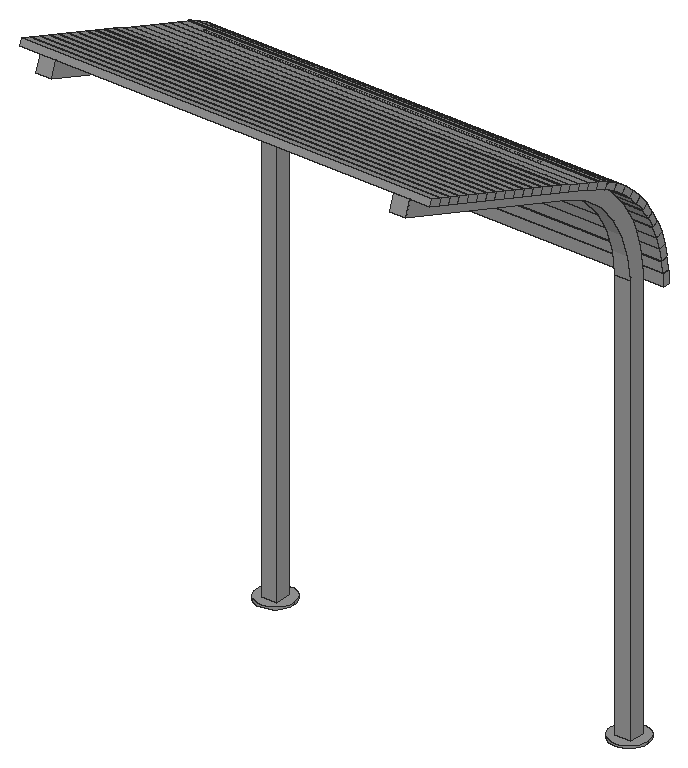
Revit family "Навес «Кайлас» одинарный открытый Арт 28541", category Антураж, Revit 2018
Family settings
  На основе рабочей плоскости = Нет
  Всегда вертикально = Да
  При загрузке вырезать с полостями = Нет
  Источник визуального образа = Геометрия семейства
  Общий = Нет
  Точка расчета площади = Нет
Parameters (values of type "Навес «Кайлас» одинарный открытый")
  Ширина = 1500 mm  # constant formula
  Цвет отделки = Дерево
  Цвет каркаса = Сталь
  Описание = "Навес «Кайлас» одинарный открытый"  # constant formula
  Материал изделия = "Сталь, дерево"  # constant formula
  Изображение типоразмера = Навес «Кайлас» одинарный открытый Арт 28541.jpg
  Изготовитель = "ООО «Хоббика»"  # constant formula
  Длина = 2000 mm  # constant formula
  Группа модели = "Навесы и беседки"  # constant formula
  Высота = 3000 mm  # constant formula
  Артикул товара = "Арт. 28541"  # constant formula
  URL = "https://hobbyka.ru/product/naves_kaylas_odinarnyy_otkrytyy/"
Reference planes
  plane 1 "По центру (Вперед/Назад)": y = 0
  plane 2: z = 0
  plane 3 "По центру (Влево/Вправо)": x = 0
  plane 4: x = 2000
  plane 5: y = 1500
  plane 6: z = 3000
Forms (mm)
  Sweep 1, solid, material "Сталь" <- "Цвет каркаса"
    path origin (0, 0, 0) x (0, 1, 0) y (0, 0, 1)
      loop
        line (0, 2900) -> (996.074, 2537.459)
        arc (996.074, 2537.459) -> (1263.315, 2336.078) -> (1372.257, 2019.688) r 572.253
        line (1372.257, 2019.688) -> (1372.257, 0)
    profile origin (0, 1372.257, 2019.688) x (1, 0, 0) y (0, 1, 0)
      loop
        line (100, 0) -> (175, 0) -> (175, 75) -> (100, 75) -> (100, 0)
  Extrusion 2, solid, material "Сталь" <- "Цвет каркаса"
    sketch origin (137.5, 0, 0) x (1, 0, 0) y (0, 1, 0)
      loop
        circle (0, 1409.757) r 90.243
    from 0 to 10
  Extrusion 3, solid, material "Сталь" <- "Цвет каркаса"
    sketch origin (3862.5, 0, 0) x (-1, 0, 0) y (0, -1, 0)
      loop
        circle (2000, -1409.757) r 90.243
    from 0 to 10
  Sweep 4, solid, material "Сталь" <- "Цвет каркаса"
    path origin (2062.5, 0, 0) x (0, 1, 0) y (0, 0, -1)
      loop
        line (0, -2900) -> (996.074, -2537.459)
        arc (996.074, -2537.459) -> (1263.315, -2336.078) -> (1372.257, -2019.688) r 572.253
        line (1372.257, -2019.688) -> (1372.257, 0)
    profile origin (2062.5, 1372.257, 2019.688) x (-1, 0, 0) y (0, -1, 0)
      loop
        line (162.5, 0) -> (162.5, -75) -> (237.5, -75) -> (237.5, 0) -> (162.5, 0)
  Extrusion 5, solid, material "Дерево" <- "Цвет отделки"
    sketch origin (0, 0, 0) x (0, 1, 0) y (0, 0, 1)
      loop
        line (25.652, 2970.477) -> (77.335, 2951.666) -> (88.08, 2981.189) -> (36.397, 3000) -> (25.652, 2970.477)
      loop
        line (82.033, 2949.956) -> (133.716, 2931.145) -> (144.462, 2960.668) -> (92.779, 2979.479) -> (82.033, 2949.956)
      loop
        line (138.415, 2929.435) -> (190.098, 2910.623) -> (200.843, 2940.146) -> (149.16, 2958.958) -> (138.415, 2929.435)
      loop
        line (194.796, 2908.913) -> (246.479, 2890.102) -> (257.225, 2919.625) -> (205.542, 2938.436) -> (194.796, 2908.913)
      loop
        line (251.178, 2888.392) -> (302.861, 2869.581) -> (313.606, 2899.104) -> (261.923, 2917.915) -> (251.178, 2888.392)
      loop
        line (307.559, 2867.871) -> (359.242, 2849.06) -> (369.988, 2878.583) -> (318.305, 2897.394) -> (307.559, 2867.871)
      loop
        line (363.941, 2847.35) -> (415.624, 2828.539) -> (426.369, 2858.062) -> (374.686, 2876.873) -> (363.941, 2847.35)
      loop
        line (420.322, 2826.828) -> (472.006, 2808.017) -> (482.751, 2837.54) -> (431.068, 2856.352) -> (420.322, 2826.828)
      loop
        line (476.704, 2806.307) -> (528.387, 2787.496) -> (539.133, 2817.019) -> (487.449, 2835.83) -> (476.704, 2806.307)
      loop
        line (533.086, 2785.786) -> (584.769, 2766.975) -> (595.514, 2796.498) -> (543.831, 2815.309) -> (533.086, 2785.786)
      loop
        line (589.467, 2765.265) -> (641.15, 2746.454) -> (651.896, 2775.977) -> (600.213, 2794.788) -> (589.467, 2765.265)
      loop
        line (645.849, 2744.744) -> (697.532, 2725.933) -> (708.277, 2755.456) -> (656.594, 2774.267) -> (645.849, 2744.744)
      loop
        line (702.23, 2724.222) -> (753.913, 2705.411) -> (764.659, 2734.934) -> (712.976, 2753.745) -> (702.23, 2724.222)
      loop
        line (758.612, 2703.701) -> (810.295, 2684.89) -> (821.04, 2714.413) -> (769.357, 2733.224) -> (758.612, 2703.701)
      loop
        line (814.993, 2683.18) -> (866.676, 2664.369) -> (877.422, 2693.892) -> (825.739, 2712.703) -> (814.993, 2683.18)
      loop
        line (871.375, 2662.659) -> (923.058, 2643.848) -> (933.803, 2673.371) -> (882.12, 2692.182) -> (871.375, 2662.659)
      loop
        line (927.756, 2642.138) -> (979.44, 2623.327) -> (990.185, 2652.85) -> (938.502, 2671.661) -> (927.756, 2642.138)
      loop
        line (984.138, 2621.616) -> (1035.821, 2602.805) -> (1046.567, 2632.328) -> (994.883, 2651.139) -> (984.138, 2621.616)
      loop
        line (1040.846, 2601.962) -> (1090.569, 2578.453) -> (1103.998, 2606.856) -> (1054.275, 2630.365) -> (1040.846, 2601.962)
      loop
        line (1095.495, 2577.148) -> (1142.831, 2549.143) -> (1158.828, 2576.183) -> (1111.492, 2604.188) -> (1095.495, 2577.148)
      loop
        line (1147.618, 2547.387) -> (1192.163, 2515.125) -> (1210.592, 2540.57) -> (1166.047, 2572.832) -> (1147.618, 2547.387)
      loop
        line (1196.764, 2512.936) -> (1238.135, 2476.694) -> (1258.837, 2500.327) -> (1217.466, 2536.568) -> (1196.764, 2512.936)
      loop
        line (1242.514, 2474.089) -> (1280.357, 2434.178) -> (1303.156, 2455.795) -> (1265.313, 2495.706) -> (1242.514, 2474.089)
      loop
        line (1284.48, 2431.176) -> (1318.47, 2387.937) -> (1343.17, 2407.354) -> (1309.179, 2450.593) -> (1284.48, 2431.176)
      loop
        line (1322.295, 2384.57) -> (1352.143, 2338.373) -> (1378.532, 2355.424) -> (1348.684, 2401.62) -> (1322.295, 2384.57)
      loop
        line (1355.64, 2334.667) -> (1381.089, 2285.909) -> (1408.941, 2300.447) -> (1383.492, 2349.205) -> (1355.64, 2334.667)
      loop
        line (1384.23, 2281.892) -> (1405.062, 2230.99) -> (1434.139, 2242.89) -> (1413.307, 2293.792) -> (1384.23, 2281.892)
      loop
        line (1407.817, 2226.703) -> (1423.854, 2174.093) -> (1453.907, 2183.254) -> (1437.87, 2235.864) -> (1407.817, 2226.703)
      loop
        line (1426.201, 2169.57) -> (1437.305, 2115.703) -> (1468.076, 2122.046) -> (1456.972, 2175.913) -> (1426.201, 2169.57)
      loop
        line (1439.224, 2110.978) -> (1445.3, 2056.315) -> (1476.526, 2059.786) -> (1470.45, 2114.449) -> (1439.224, 2110.978)
      loop
        line (1446.775, 2051.433) -> (1447.771, 1996.442) -> (1479.183, 1997.011) -> (1478.187, 2052.002) -> (1446.775, 2051.433)
    from 0 to 2000
Cuts and joins
  joined: Sweep 1, Extrusion 2
  joined: Extrusion 3, Sweep 4
Dimensions and locks
  "Длина": plane 3 "По центру (Влево/Вправо)" to plane 4
  "Ширина": plane 5 to plane 1 "По центру (Вперед/Назад)"
  "Высота": plane 6 to level
  aligned and locked: level to plane 2
Automatic sketch dimensions
  Sweep 1 sketch curve to plane 1 "По центру (Вперед/Назад)" = 0 mm
  Sweep 1 sketch curve to level = 0 mm
  Sweep 1 sketch curve to plane 5 = 699.648 mm
  Sweep 1 sketch curve to plane 5 = 503.926 mm
  Sweep 1 sketch curve to plane 5 = 127.743 mm
  Sweep 1 sketch curve to plane 6 = 1000.284 mm
  Sweep 1 sketch curve to Sweep 1 sketch curve = 19.971 mm
  Sweep 1 sketch curve to plane 6 = 100 mm
  profile plane to Sweep 1 sketch curve = 0 mm
  Sweep 1 sketch curve to profile plane = 75 mm
  plane 3 "По центру (Влево/Вправо)" to Sweep 1 sketch curve = 100 mm
  Sweep 1 sketch curve to Sweep 1 sketch curve = 75 mm
  Extrusion 2 sketch curve to plane 5 = 90.243 mm
  plane 3 "По центру (Влево/Вправо)" to Extrusion 2 sketch curve = 137.5 mm
  plane 5 to Extrusion 3 sketch curve = 90.243 mm
  plane 4 to Extrusion 3 sketch curve = 137.5 mm
  Sweep 4 sketch curve to plane 1 "По центру (Вперед/Назад)" = 0 mm
  Sweep 4 sketch curve to level = 0 mm
  Sweep 4 sketch curve to plane 5 = 699.648 mm
  Sweep 4 sketch curve to plane 5 = 503.926 mm
  Sweep 4 sketch curve to plane 5 = 127.743 mm
  Sweep 4 sketch curve to plane 6 = 1000.284 mm
  Sweep 4 sketch curve to Sweep 4 sketch curve = 19.971 mm
  Sweep 4 sketch curve to plane 6 = 100 mm
  Sweep 4 sketch curve to profile plane = 0 mm
  profile plane to Sweep 4 sketch curve = 75 mm
  profile plane to Sweep 4 sketch curve = 162.5 mm
  Sweep 4 sketch curve to Sweep 4 sketch curve = 75 mm
  Extrusion 5 sketch curve to plane 6 = 0 mm
  Extrusion 5 sketch curve to plane 1 "По центру (Вперед/Назад)" = 25.652 mm
  Extrusion 5 sketch curve to Extrusion 5 sketch curve = 10.746 mm
  Extrusion 5 sketch curve to Extrusion 5 sketch curve = 51.683 mm  (x7)
  Extrusion 5 sketch curve to Extrusion 5 sketch curve = 4.698 mm  (x34)
  Extrusion 5 sketch curve to plane 6 = 20.521 mm
  Extrusion 5 sketch curve to plane 6 = 68.855 mm
  Extrusion 5 sketch curve to plane 6 = 41.042 mm
  Extrusion 5 sketch curve to plane 6 = 89.377 mm
  Extrusion 5 sketch curve to plane 6 = 61.564 mm
  Extrusion 5 sketch curve to plane 6 = 109.898 mm
  Extrusion 5 sketch curve to plane 6 = 111.608 mm
  Extrusion 5 sketch curve to plane 6 = 82.085 mm
  Extrusion 5 sketch curve to plane 6 = 130.419 mm
  Extrusion 5 sketch curve to plane 6 = 132.129 mm
  Extrusion 5 sketch curve to plane 6 = 102.606 mm
  Extrusion 5 sketch curve to plane 6 = 150.94 mm
  Extrusion 5 sketch curve to plane 6 = 152.65 mm
  Extrusion 5 sketch curve to plane 6 = 123.127 mm
  Extrusion 5 sketch curve to plane 6 = 171.461 mm
  Extrusion 5 sketch curve to plane 6 = 173.172 mm
  Extrusion 5 sketch curve to plane 6 = 143.648 mm
  Extrusion 5 sketch curve to plane 6 = 191.983 mm
  Extrusion 5 sketch curve to plane 6 = 193.693 mm
  Extrusion 5 sketch curve to plane 6 = 164.17 mm
  Extrusion 5 sketch curve to plane 6 = 212.504 mm
  Extrusion 5 sketch curve to plane 6 = 214.214 mm
  Extrusion 5 sketch curve to plane 6 = 184.691 mm
  Extrusion 5 sketch curve to plane 6 = 233.025 mm
  Extrusion 5 sketch curve to plane 6 = 234.735 mm
  Extrusion 5 sketch curve to plane 6 = 205.212 mm
  Extrusion 5 sketch curve to plane 6 = 253.546 mm
  Extrusion 5 sketch curve to plane 6 = 255.256 mm
  Extrusion 5 sketch curve to plane 6 = 225.733 mm
  Extrusion 5 sketch curve to plane 6 = 274.067 mm
  Extrusion 5 sketch curve to plane 6 = 275.778 mm
  Extrusion 5 sketch curve to plane 6 = 246.255 mm
  Extrusion 5 sketch curve to plane 6 = 294.589 mm
  Extrusion 5 sketch curve to plane 6 = 296.299 mm
  Extrusion 5 sketch curve to plane 6 = 266.776 mm
  Extrusion 5 sketch curve to plane 6 = 315.11 mm
  Extrusion 5 sketch curve to plane 6 = 316.82 mm
  Extrusion 5 sketch curve to plane 6 = 287.297 mm
  Extrusion 5 sketch curve to plane 6 = 335.631 mm
  Extrusion 5 sketch curve to plane 6 = 307.818 mm
  Extrusion 5 sketch curve to plane 6 = 328.339 mm
  Extrusion 5 sketch curve to plane 6 = 348.861 mm
  Extrusion 5 sketch curve to Extrusion 5 sketch curve = 5.025 mm
  Extrusion 5 sketch curve to plane 6 = 369.635 mm
  Extrusion 5 sketch curve to Extrusion 5 sketch curve = 7.709 mm
  Extrusion 5 sketch curve to Extrusion 5 sketch curve = 49.723 mm
  Extrusion 5 sketch curve to Extrusion 5 sketch curve = 4.926 mm
  Extrusion 5 sketch curve to Extrusion 5 sketch curve = 7.494 mm
  Extrusion 5 sketch curve to Extrusion 5 sketch curve = 47.336 mm
  Extrusion 5 sketch curve to Extrusion 5 sketch curve = 4.787 mm
  Extrusion 5 sketch curve to Extrusion 5 sketch curve = 7.219 mm
  Extrusion 5 sketch curve to Extrusion 5 sketch curve = 44.544 mm
  Extrusion 5 sketch curve to Extrusion 5 sketch curve = 4.601 mm
  Extrusion 5 sketch curve to Extrusion 5 sketch curve = 6.875 mm
  Extrusion 5 sketch curve to Extrusion 5 sketch curve = 41.371 mm
  Extrusion 5 sketch curve to Extrusion 5 sketch curve = 4.379 mm
  Extrusion 5 sketch curve to Extrusion 5 sketch curve = 6.475 mm
  Extrusion 5 sketch curve to Extrusion 5 sketch curve = 37.843 mm
  Extrusion 5 sketch curve to Extrusion 5 sketch curve = 4.122 mm
  Extrusion 5 sketch curve to Extrusion 5 sketch curve = 6.023 mm
  Extrusion 5 sketch curve to Extrusion 5 sketch curve = 33.991 mm
  Extrusion 5 sketch curve to Extrusion 5 sketch curve = 3.825 mm
  Extrusion 5 sketch curve to Extrusion 5 sketch curve = 5.514 mm
  Extrusion 5 sketch curve to Extrusion 5 sketch curve = 29.848 mm
  Extrusion 5 sketch curve to Extrusion 5 sketch curve = 3.497 mm
  Extrusion 5 sketch curve to Extrusion 5 sketch curve = 25.449 mm
  Extrusion 5 sketch curve to Extrusion 5 sketch curve = 4.96 mm
  Extrusion 5 sketch curve to Extrusion 5 sketch curve = 3.141 mm
  Extrusion 5 sketch curve to Extrusion 5 sketch curve = 20.832 mm
  Extrusion 5 sketch curve to Extrusion 5 sketch curve = 2.755 mm
  Extrusion 5 sketch curve to Extrusion 5 sketch curve = 4.366 mm
  Extrusion 5 sketch curve to Extrusion 5 sketch curve = 16.037 mm
  Extrusion 5 sketch curve to Extrusion 5 sketch curve = 2.347 mm
  Extrusion 5 sketch curve to Extrusion 5 sketch curve = 11.104 mm
  Extrusion 5 sketch curve to Extrusion 5 sketch curve = 3.731 mm
  Extrusion 5 sketch curve to Extrusion 5 sketch curve = 1.919 mm
  Extrusion 5 sketch curve to plane 5 = 54.7 mm
  Extrusion 5 sketch curve to Extrusion 5 sketch curve = 1.474 mm
  Extrusion 5 sketch curve to plane 5 = 52.229 mm
  Extrusion 5 sketch curve to Extrusion 5 sketch curve = 3.065 mm
  Extrusion 5 sketch curve to Extrusion 5 sketch curve = 2.374 mm
  Extrusion 5 sketch curve to Extrusion 5 sketch curve = 1.661 mm
  Extrusion 5 sketch curve to Extrusion 5 sketch curve = 27.813 mm
  Extrusion 5 sketch curve to Extrusion 5 sketch curve = 1.71 mm  (x3)
  Extrusion 5 sketch curve to Extrusion 5 sketch curve = 23.509 mm
  Extrusion 5 sketch curve to Extrusion 5 sketch curve = 2.668 mm
  Extrusion 5 sketch curve to Extrusion 5 sketch curve = 1.305 mm
  Extrusion 5 sketch curve to Extrusion 5 sketch curve = 3.351 mm
  Extrusion 5 sketch curve to Extrusion 5 sketch curve = 1.757 mm
  Extrusion 5 sketch curve to Extrusion 5 sketch curve = 4.002 mm
  Extrusion 5 sketch curve to Extrusion 5 sketch curve = 2.189 mm
  Extrusion 5 sketch curve to Extrusion 5 sketch curve = 4.62 mm
  Extrusion 5 sketch curve to Extrusion 5 sketch curve = 2.605 mm
  Extrusion 5 sketch curve to Extrusion 5 sketch curve = 5.202 mm
  Extrusion 5 sketch curve to Extrusion 5 sketch curve = 3.002 mm
  Extrusion 5 sketch curve to Extrusion 5 sketch curve = 5.734 mm
  Extrusion 5 sketch curve to Extrusion 5 sketch curve = 3.367 mm
  Extrusion 5 sketch curve to Extrusion 5 sketch curve = 6.219 mm
  Extrusion 5 sketch curve to Extrusion 5 sketch curve = 3.706 mm
  Extrusion 5 sketch curve to Extrusion 5 sketch curve = 6.655 mm
  Extrusion 5 sketch curve to Extrusion 5 sketch curve = 4.017 mm
  Extrusion 5 sketch curve to Extrusion 5 sketch curve = 7.026 mm
  Extrusion 5 sketch curve to Extrusion 5 sketch curve = 4.287 mm
  Extrusion 5 sketch curve to Extrusion 5 sketch curve = 7.341 mm
  Extrusion 5 sketch curve to Extrusion 5 sketch curve = 4.523 mm
  Extrusion 5 sketch curve to Extrusion 5 sketch curve = 7.597 mm
  Extrusion 5 sketch curve to Extrusion 5 sketch curve = 4.725 mm
  Extrusion 5 sketch curve to Extrusion 5 sketch curve = 7.784 mm
  Extrusion 5 sketch curve to Extrusion 5 sketch curve = 4.882 mm
  radius of Extrusion 2 sketch curve = 90.243 mm
  radius of Extrusion 3 sketch curve = 90.243 mm
